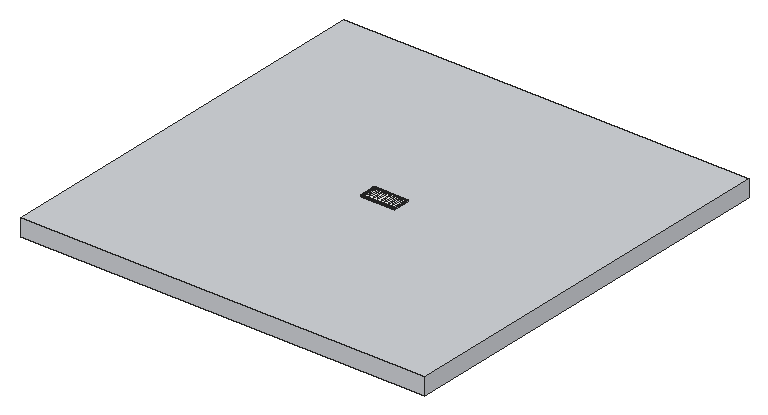
Revit family
Parameters (values of type "2"")
  WFU = 0
  URL = "WWW.MIFAB.COM"
  Sump Depth = 4.100"
  Pipe Radius = Pipe Diameter / 2  # 1.000"
  Pipe Diameter = 2.000"
  Model = "FS1532"
  Manufacturer = "MIFAB"  # constant formula
  Grate Width = 8.100"
  Floor Sink Material = Coated – Acid Resistant – Porcelain Enamel - White
  Description = "8 x 4 x 4 DEEP FLOOR SINK WITH FLANGE"  # constant formula
  Default Elevation = 0.000"
  Body Height = 6.625"
Types (4): name | Pipe Radius | Pipe Diameter | Model | Body Height
  (no name) | 1.000" | 2.000" | "FS1532" | 6.625"
  4" | 2.000" | 4.000" | "FS1534" | 6.225"
  3" | 1.500" | 3.000" | "FS1533" | 6.225"
  2" | 1.000" | 2.000" | "FS1532" | 6.625"
Reference planes
  plane 1 "Center (Front/Back)": y = 0
  plane 2: z = 0
  plane 3 "Center (Left/Right)": x = 0
  plane 4: z = -161.925
  plane 5: x = -113.898
  plane 6: x = -102.87
  plane 7: x = 102.87
  plane 8: z = 6.35
  plane 9: y = 52.07
  plane 10: y = -52.07
  plane 11: x = -79.369
  plane 12: x = 79.369
  plane 13: x = -86.36
  plane 14: x = 86.36
  plane 15: y = 35.56
  plane 16: y = -35.56
  plane 17: x = -25.4
  plane 18: x = 25.4
  plane 19: x = -128.27
  plane 20: x = 128.27
  plane 21: y = 77.47
  plane 22: y = -77.47
  plane 23: z = -95.25
  plane 24: z = -100.33
  plane 25: z = -66.04
  plane 26: z = -99.06
  plane 27: z = -82.55
  plane 28: y = -16.51
  plane 29: y = 16.51
  plane 30: x = -208.654
  plane 31: x = 208.654
  plane 32: z = -44.45
Forms (mm)
  Extrusion 1, solid
    sketch origin (0, 0, 0) x (1, 0, 0) y (0, 1, 0)
      loop
        line (-1219.2, 1219.2) -> (-1219.2, -1219.2) -> (1219.2, -1219.2) -> (1219.2, 1219.2) -> (-1219.2, 1219.2)
    from 0 to -101.6
  Extrusion 2, solid, material "Coated – Acid Resistant – Porcelain Enamel - White" <- "Floor Sink Material"
    sketch origin (0, 0, 0) x (1, 0, 0) y (0, 1, 0)
      loop
        line (-96.52, 45.72) -> (-96.52, -45.72) -> (96.52, -45.72) -> (96.52, 45.72) -> (-96.52, 45.72)
      loop
        arc (-73.66, 26.67) -> (-75.52, 31.16) -> (-80.01, 33.02) r 6.35
        arc (-80.01, 33.02) -> (-84.5, 31.16) -> (-86.36, 26.67) r 6.35
        line (-86.36, 26.67) -> (-86.36, -26.67)
        arc (-86.36, -26.67) -> (-84.5, -31.16) -> (-80.01, -33.02) r 6.35
        arc (-80.01, -33.02) -> (-75.52, -31.16) -> (-73.66, -26.67) r 6.35
        line (-73.66, -26.67) -> (-73.66, 26.67)
      loop
        arc (-50.8, 26.67) -> (-52.66, 31.16) -> (-57.15, 33.02) r 6.35
        arc (-57.15, 33.02) -> (-61.64, 31.16) -> (-63.5, 26.67) r 6.35
        line (-63.5, 26.67) -> (-63.5, -26.67)
        arc (-63.5, -26.67) -> (-61.64, -31.16) -> (-57.15, -33.02) r 6.35
        arc (-57.15, -33.02) -> (-52.66, -31.16) -> (-50.8, -26.67) r 6.35
        line (-50.8, -26.67) -> (-50.8, 26.67)
      loop
        arc (-27.94, 26.67) -> (-29.8, 31.16) -> (-34.29, 33.02) r 6.35
        arc (-34.29, 33.02) -> (-38.78, 31.16) -> (-40.64, 26.67) r 6.35
        line (-40.64, 26.67) -> (-40.64, -26.67)
        arc (-40.64, -26.67) -> (-38.78, -31.16) -> (-34.29, -33.02) r 6.35
        arc (-34.29, -33.02) -> (-29.8, -31.16) -> (-27.94, -26.67) r 6.35
        line (-27.94, -26.67) -> (-27.94, 26.67)
      loop
        arc (-5.08, 26.67) -> (-6.94, 31.16) -> (-11.43, 33.02) r 6.35
        arc (-11.43, 33.02) -> (-15.92, 31.16) -> (-17.78, 26.67) r 6.35
        line (-17.78, 26.67) -> (-17.78, -26.67)
        arc (-17.78, -26.67) -> (-15.92, -31.16) -> (-11.43, -33.02) r 6.35
        arc (-11.43, -33.02) -> (-6.94, -31.16) -> (-5.08, -26.67) r 6.35
        line (-5.08, -26.67) -> (-5.08, 26.67)
      loop
        arc (17.78, 26.67) -> (15.92, 31.16) -> (11.43, 33.02) r 6.35
        arc (11.43, 33.02) -> (6.94, 31.16) -> (5.08, 26.67) r 6.35
        line (5.08, 26.67) -> (5.08, -26.67)
        arc (5.08, -26.67) -> (6.94, -31.16) -> (11.43, -33.02) r 6.35
        arc (11.43, -33.02) -> (15.92, -31.16) -> (17.78, -26.67) r 6.35
        line (17.78, -26.67) -> (17.78, 26.67)
      loop
        arc (40.64, 26.67) -> (38.78, 31.16) -> (34.29, 33.02) r 6.35
        arc (34.29, 33.02) -> (29.8, 31.16) -> (27.94, 26.67) r 6.35
        line (27.94, 26.67) -> (27.94, -26.67)
        arc (27.94, -26.67) -> (29.8, -31.16) -> (34.29, -33.02) r 6.35
        arc (34.29, -33.02) -> (38.78, -31.16) -> (40.64, -26.67) r 6.35
        line (40.64, -26.67) -> (40.64, 26.67)
      loop
        arc (63.5, 26.67) -> (61.64, 31.16) -> (57.15, 33.02) r 6.35
        arc (57.15, 33.02) -> (52.66, 31.16) -> (50.8, 26.67) r 6.35
        line (50.8, 26.67) -> (50.8, -26.67)
        arc (50.8, -26.67) -> (52.66, -31.16) -> (57.15, -33.02) r 6.35
        arc (57.15, -33.02) -> (61.64, -31.16) -> (63.5, -26.67) r 6.35
        line (63.5, -26.67) -> (63.5, 26.67)
      loop
        arc (80.01, 33.02) -> (75.52, 31.16) -> (73.66, 26.67) r 6.35
        line (73.66, 26.67) -> (73.66, -26.67)
        arc (73.66, -26.67) -> (75.52, -31.16) -> (80.01, -33.02) r 6.35
        arc (80.01, -33.02) -> (84.5, -31.16) -> (86.36, -26.67) r 6.35
        line (86.36, -26.67) -> (86.36, 26.67)
        arc (86.36, 26.67) -> (84.5, 31.16) -> (80.01, 33.02) r 6.35
    from 0 to 6.35
  Sweep 3, solid, material "Coated – Acid Resistant – Porcelain Enamel - White" <- "Floor Sink Material"
    path origin (0, 0, 0) x (1, 0, 0) y (0, 1, 0)
      loop
        line (-102.87, 52.07) -> (-102.87, -52.07) -> (102.87, -52.07) -> (102.87, 52.07) -> (-102.87, 52.07)
    profile origin (-102.87, 0, 0) x (1, 0, 0) y (0, 0, 1)
      loop
        line (0, 3.81) -> (0, 2.062)
        arc (0, 2.062) -> (1.378, -2.308) -> (5.013, -5.098) r 7.62
        arc (5.013, -5.098) -> (5.983, -5.842) -> (6.35, -7.007) r 2.032
        line (6.35, -7.007) -> (11.908, -7.007) -> (11.908, -2.032)
        arc (11.908, -2.032) -> (11.312, -0.595) -> (9.876, 0) r 2.032
        line (9.876, 0) -> (7.62, 0)
        arc (7.62, 0) -> (6.722, 0.372) -> (6.35, 1.27) r 1.27
        line (6.35, 1.27) -> (6.35, 5.08)
        arc (6.35, 5.08) -> (5.978, 5.978) -> (5.08, 6.35) r 1.27
        line (5.08, 6.35) -> (2.54, 6.35)
        arc (2.54, 6.35) -> (0.744, 5.606) -> (0, 3.81) r 2.54
  Extrusion 4, void
    sketch origin (0, 0, 0) x (1, 0, 0) y (0, 1, 0)
      loop
        circle (0, 0) r 7.616
    from -59.926 to -21.429
  Extrusion 5, solid, material "Coated – Acid Resistant – Porcelain Enamel - White" <- "Floor Sink Material"
    sketch origin (0, 0, 0) x (1, 0, 0) y (0, 1, 0)
      loop
        line (-96.52, 45.72) -> (-96.52, -45.72) -> (96.52, -45.72) -> (96.52, 45.72) -> (-96.52, 45.72)
      loop
        line (90.962, 40.162) -> (-90.962, 40.162) -> (-90.962, -40.162) -> (90.962, -40.162) -> (90.962, 40.162)
    from -100.33 to -7.007
  Extrusion 6, solid, material "Coated – Acid Resistant – Porcelain Enamel - White" <- "Floor Sink Material"
    sketch origin (66.04, -4572, -100.33) x (0, -1, 0) y (-1, 0, 0)
      loop
        arc (-4612.132, 118.487) -> (-4638.04, 66.04) -> (-4612.132, 13.593) r 66.04
        line (-4612.132, 13.593) -> (-4612.132, -24.892) -> (-4531.838, -24.892) -> (-4531.838, 13.616)
        arc (-4531.838, 13.616) -> (-4505.96, 66.04) -> (-4531.838, 118.464) r 66.04
        line (-4531.838, 118.464) -> (-4531.838, 156.972) -> (-4612.132, 156.972) -> (-4612.132, 118.487)
      loop
        circle (-4572, 66.04) r 25.4
    from 0 to -5.08
  Revolve 7, solid, material "Coated – Acid Resistant – Porcelain Enamel - White" <- "Floor Sink Material"
    sketch origin (0, 0, 0) x (1, 0, 0) y (0, 0, 1)
      loop
        line (-25.4, -95.25) -> (-30.48, -95.25) -> (-30.48, -161.925) -> (-25.4, -161.925) -> (-25.4, -95.25)
      axis (0, -95.25) -> (0, -161.925)
    angle from 0 to 360
Cuts and joins
  joined: Extrusion 5, Extrusion 6, Revolve 7
Lines and regions (mm)
  symbolic lines
    curve 1: line (96.537, 45.737, 0) -> (-96.537, 45.737, 0)
    curve 2: line (96.537, -45.737, 0) -> (96.537, 45.737, 0)
    curve 3: line (-96.537, -45.737, 0) -> (96.537, -45.737, 0)
    curve 4: line (-96.537, 45.737, 0) -> (-96.537, -45.737, 0)
Dimensions and locks
  equal spacing: plane 9, plane 1 "Center (Front/Back)", plane 10
  equal spacing: plane 6, plane 3 "Center (Left/Right)", plane 7
  "Sump Depth": plane 9 to plane 10
  "Grate Width": plane 6 to plane 7
  "Body Height": plane 8 to plane 4
  locked: plane 9 to plane 15 at 16.51
  locked: plane 10 to plane 16 at 16.51
  locked: plane 6 to plane 13 at 16.51
  locked: plane 14 to plane 7 at 16.51
  equal spacing: plane 18, plane 3 "Center (Left/Right)", plane 17
  "Pipe Diameter": plane 18 to plane 17
  equal spacing: plane 21, plane 1 "Center (Front/Back)", plane 22
  plane 22 to plane 21 = 6.100"
  equal spacing: plane 19, plane 3 "Center (Left/Right)", plane 20
  plane 19 to plane 20 = 10.100"
  locked: plane 8 to plane 2 at 6.35
  plane 2 to plane 23 = 3.750"
  locked: plane 23 to plane 24 at 5.08
  locked: plane 8 to plane 32 at 50.8
  locked: Revolve 7 sketch curve to Revolve 7 sketch curve at 5.08
  radius of Extrusion 6 sketch curve = 2.600"  (x2)
  aligned and locked: plane 2 to Extrusion 1
  aligned and locked: level to Extrusion 1
  aligned and locked: plane 8 to Extrusion 2
  aligned and locked: Sweep 3 sketch curve to plane 6
  aligned and locked: Sweep 3 sketch curve to plane 9
  aligned and locked: plane 7 to Sweep 3 sketch curve
  aligned and locked: plane 10 to Sweep 3 sketch curve
  aligned and locked: profile plane to Sweep 3 sketch curve
  aligned and locked: plane 1 "Center (Front/Back)" to Extrusion 4 sketch curve
  aligned and locked: plane 3 "Center (Left/Right)" to Extrusion 4 sketch curve
  aligned and locked: Extrusion 5 sketch curve to Extrusion 2  (x3)
  aligned and locked: plane 24 to Extrusion 5
  aligned and locked: Extrusion 6 to plane 23
  aligned and locked: Extrusion 6 sketch curve to cut or joined group of Extrusion 5, Extrusion 6, Revolve 7  (x2)
  aligned and locked: plane 17 to Revolve 7 sketch curve
  aligned and locked: Revolve 7 sketch curve to cut or joined group of Extrusion 5, Extrusion 6, Revolve 7
  aligned and locked: plane 4 to Revolve 7 sketch curve
Automatic sketch dimensions
  Extrusion 1 sketch curve to Extrusion 1 sketch curve = 96.000"  (x2)
  Sweep 3 sketch curve to level = 0.000"
  Sweep 3 sketch curve to profile plane = 0.100"
  Sweep 3 sketch curve to Sweep 3 sketch curve = 0.000"  (x2)
  Sweep 3 sketch curve to profile plane = 0.170"
  Sweep 3 sketch curve to Sweep 3 sketch curve = 0.02737"
  Sweep 3 sketch curve to Sweep 3 sketch curve = 0.100"
  Sweep 3 sketch curve to Sweep 3 sketch curve = 0.080"  (x2)
  Sweep 3 sketch curve to Sweep 3 sketch curve = 0.050"  (x2)
  Sweep 3 sketch curve to Sweep 3 sketch curve = 0.0888"
  Sweep 3 sketch curve to Sweep 3 sketch curve = 0.19587"
  Sweep 3 sketch curve to Sweep 3 sketch curve = 0.0688"
  plane 15 to Extrusion 6 sketch curve = 0.180"  (x2)
  plane 13 to Extrusion 6 sketch curve = 0.180"
  Extrusion 6 sketch curve to plane 14 = 0.180"
  Extrusion 6 sketch curve to Extrusion 6 sketch curve = 0.000"  (x4)
  plane 1 "Center (Front/Back)" to Extrusion 6 sketch curve = 0.000"
  Extrusion 6 sketch curve to plane 3 "Center (Left/Right)" = 0.000"
  Extrusion 2 sketch curve to Extrusion 2 sketch curve = 0.000"  (x2)
  Extrusion 2 sketch curve to plane 13 = 0.000"
  plane 6 to Extrusion 2 sketch curve = 0.250"
  Extrusion 2 sketch curve to plane 11 = 0.02525"
  plane 7 to Extrusion 2 sketch curve = 0.250"
  Extrusion 2 sketch curve to plane 10 = 0.250"
  Extrusion 2 sketch curve to plane 16 = 0.100"
  Extrusion 2 sketch curve to plane 15 = 0.350"
  Extrusion 2 sketch curve to plane 9 = 0.250"
  Extrusion 5 sketch curve to plane 10 = 0.250"
  plane 15 to Extrusion 5 sketch curve = 0.1812"
  plane 13 to Extrusion 5 sketch curve = 0.1812"
  Extrusion 5 sketch curve to plane 14 = 0.1812"
  plane 16 to Extrusion 5 sketch curve = 0.1812"
  Extrusion 6 sketch curve to plane 17 = 0.000"
  Revolve 7 sketch curve to plane 3 "Center (Left/Right)" = 0.000"
  Revolve 7 sketch curve to plane 4 = 0.000"
  Revolve 7 sketch curve to Revolve 7 sketch curve = 0.500"
  plane 6 to curve 1 = 0.24932"
  plane 7 to curve 3 = 0.24932"
  curve 3 to plane 10 = 0.24933"
  curve 2 to plane 9 = 0.24933"
  radius of Extrusion 4 sketch curve = 0.29982"
Connectors
  piping at (0, 0, -161.925), driven by "Pipe Radius", driven by "WFU"
    settings: on Revolve 7, index 1, connector radius 1", flow factor 0, pipe flow 0 GPM, pressure drop 0.00 psi, fitting loss kfactor 0, connector angle 0.00°, fixture units 0, flow configuration 3, flow direction 2, fitting loss method 0, system type 16, connector reference index -1, connector utility 0, adjustable connector no, is connector primary yes, fitting loss table "", connector description "Sanitary Out"
